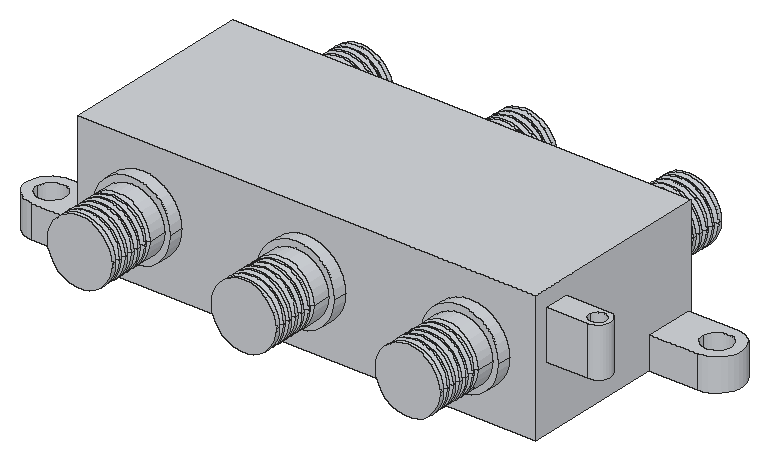
Revit family "Derivador 417-423-426", category Aparatos eléctricos, Revit 2019
Family settings
  Mantener orientación de anotación = No
  Cota de conector redondo = Diámetro de uso
  Tipo de pieza = Normal
  Número OmniClass = 23.80.00.00
  Título OmniClass = Electric Power and Lighting
  Se basa en plano de trabajo = No
  Siempre vertical = Sí
  Corte con vacíos al cargar = No
  Compartido = No
  Punto de cálculo de habitación = No
Parameters
  Vsibilidad 423 = yes
  Visibilidad 426 = yes
  Visibilidad 417 = yes
  Largo = 70.50 mm
  Dimensiones = 2
  Conectores = Largo / 25.23 mm  # 3
  Conector 2 = 3.654 mm
  Conector = 0.00 mm
  Ancho [instance] = 30.00 mm
  Altura = 30.00 mm
Reference planes
  plane 1 "Centro (Frontal/Posterior)": y = 0
  plane 2: z = 0
  plane 3 "Centro (Izquierda/Derecha)": x = 0
  plane 4 "Centro I/E": x = -35.25
  plane 5 "Centro I/F": x = 35.25
  plane 6 "Centro I/G": y = 15
  plane 7 "Centro I/H": y = -15
  plane 8 "Centro I/K": y = -15
  plane 9 "Centro I/R": x = -33.75
  plane 10 "Centro I/S": x = 33.75
Forms (mm)
  Extrusion 1, solid
    sketch origin (0, 0, 0) x (1, 0, 0) y (0, 1, 0)
      loop
        line (35.25, 15) -> (-35.25, 15) -> (-35.25, -15) -> (35.25, -15) -> (35.25, 15)
    from 0 to 20
  Extrusion 2, solid, detail levels fine
    sketch origin (0, -6.971, 0) x (1, 0, 0) y (0, 0, 1)
      loop
        circle (-25.232, 10) r 5
    from 17 to 27
  Extrusion 3, solid
    sketch origin (0, -6.971, 0) x (1, 0, 0) y (0, 0, 1)
      loop
        circle (-25.232, 10) r 6
    from 15 to 17
  Extrusion 4, solid, detail levels fine
    sketch origin (-0.018, 0, 0) x (1, 0, 0) y (0, 0, 1)
      loop
        circle (-25.232, 10) r 5
    from 17 to 27
  Extrusion 5, solid
    sketch origin (-0.018, 0, 0) x (1, 0, 0) y (0, 0, 1)
      loop
        circle (-25.232, 10) r 6
    from 15 to 17
  Extrusion 6, solid, detail levels fine
    sketch origin (50.482, 0, 0) x (1, 0, 0) y (0, 0, 1)
      loop
        circle (-25.232, 10) r 5
    from 17 to 27
  Extrusion 7, solid
    sketch origin (50.482, 0, 0) x (1, 0, 0) y (0, 0, 1)
      loop
        circle (-25.232, 10) r 6
    from 15 to 17
  Extrusion 8, solid, detail levels fine
    sketch origin (25.232, 0, 0) x (1, 0, 0) y (0, 0, 1)
      loop
        circle (-25.232, 10) r 5
    from 17 to 27
  Extrusion 9, solid
    sketch origin (25.232, 0, 0) x (1, 0, 0) y (0, 0, 1)
      loop
        circle (-25.232, 10) r 6
    from 15 to 17
  Extrusion 10, solid
    sketch origin (-14.144, 3.759, 0) x (1, 0, 0) y (0, 0, -1)
      loop
        circle (0, -10) r 5
    from 17 to 27
  Extrusion 11, solid
    sketch origin (-14.144, 3.759, 0) x (1, 0, 0) y (0, 0, -1)
      loop
        circle (0, -10) r 6
    from 15 to 17
  Extrusion 12, solid, detail levels medium+fine
    sketch origin (-139.75, 86.956, 0) x (-1, 0, 0) y (0, -1, 0)
      loop
        line (-175, 100) -> (-181.519, 100)
        arc (-181.519, 100) -> (-183.474, 98.044) -> (-181.519, 96.089) r 1.956
        line (-181.519, 96.089) -> (-175, 96.089) -> (-175, 100)
      loop
        circle (-181.519, 98.044) r 1.304
    from 10 to 17.5
  Extrusion 13, solid, detail levels fine
    sketch origin (-139.75, -43.128, -5) x (-1, 0, 0) y (0, -1, 0)
      loop
        line (-175, -57.5) -> (-175, -50) -> (-182.5, -50)
        arc (-182.5, -50) -> (-186.25, -53.75) -> (-182.5, -57.5) r 3.75
        line (-182.5, -57.5) -> (-175, -57.5)
      loop
        circle (-182.5, -53.75) r 2.25
    from 5 to 10
  Extrusion 14, solid, detail levels fine
    sketch origin (-115, -46.566, 0) x (-1, 0, 0) y (0, -1, 0)
      loop
        line (-175, -57.5) -> (-175, -50) -> (-182.5, -50)
        arc (-182.5, -50) -> (-186.25, -53.75) -> (-182.5, -57.5) r 3.75
        line (-182.5, -57.5) -> (-175, -57.5)
      loop
        circle (-182.5, -53.75) r 2.25
    from 5 to 10
  Extrusion 15, solid, detail levels medium+fine
    sketch origin (-110, 90, 0) x (-1, 0, 0) y (0, -1, 0)
      loop
        line (-175, 100) -> (-181.519, 100)
        arc (-181.519, 100) -> (-183.474, 98.044) -> (-181.519, 96.089) r 1.956
        line (-181.519, 96.089) -> (-175, 96.089) -> (-175, 100)
      loop
        circle (-181.519, 98.044) r 1.304
    from 10 to 17.5
  Extrusion 16, solid, detail levels fine
    sketch origin (139.75, 43.128, -5) x (1, 0, 0) y (0, 1, 0)
      loop
        line (-175, -57.5) -> (-175, -50) -> (-182.5, -50)
        arc (-182.5, -50) -> (-186.25, -53.75) -> (-182.5, -57.5) r 3.75
        line (-182.5, -57.5) -> (-175, -57.5)
      loop
        circle (-182.5, -53.75) r 2.25
    from 5 to 10
  Revolve 17, void
    sketch origin (0, 0, 10) x (1, 0, 0) y (0, 1, 0)
      loop
        line (-29.46, -26.03) -> (-30.25, -25.574) -> (-30.25, -26.486) -> (-29.46, -26.03)
      axis (-25.25, -26.486) -> (-25.25, -25.486)
    angle from 0 to 360
  Revolve 18, void
    sketch origin (0.018, -6.971, 10) x (1, 0, 0) y (0, 1, 0)
      loop
        line (-29.46, -26.03) -> (-30.25, -25.574) -> (-30.25, -26.486) -> (-29.46, -26.03)
      axis (-25.25, -26.486) -> (-25.25, -25.486)
    angle from 0 to 360
  Revolve 19, void
    sketch origin (50.5, 0, 10) x (1, 0, 0) y (0, 1, 0)
      loop
        line (-29.46, -26.03) -> (-30.25, -25.574) -> (-30.25, -26.486) -> (-29.46, -26.03)
      axis (-25.25, -26.486) -> (-25.25, -25.486)
    angle from 0 to 360
  Revolve 20, void
    sketch origin (25.25, 0, 10) x (1, 0, 0) y (0, 1, 0)
      loop
        line (-29.46, -26.03) -> (-30.25, -25.574) -> (-30.25, -26.486) -> (-29.46, -26.03)
      axis (-25.25, -26.486) -> (-25.25, -25.486)
    angle from 0 to 360
  Revolve 21, void
    sketch origin (0, 0, 10) x (1, 0, 0) y (0, 1, 0)
      loop
        line (-29.46, -24.918) -> (-30.25, -24.461) -> (-30.25, -25.374) -> (-29.46, -24.918)
      axis (-25.25, -25.374) -> (-25.25, -24.374)
    angle from 0 to 360
  Revolve 22, void
    sketch origin (0.018, -6.971, 10) x (1, 0, 0) y (0, 1, 0)
      loop
        line (-29.46, -24.918) -> (-30.25, -24.461) -> (-30.25, -25.374) -> (-29.46, -24.918)
      axis (-25.25, -25.374) -> (-25.25, -24.374)
    angle from 0 to 360
  Revolve 23, void
    sketch origin (50.5, 0, 10) x (1, 0, 0) y (0, 1, 0)
      loop
        line (-29.46, -24.918) -> (-30.25, -24.461) -> (-30.25, -25.374) -> (-29.46, -24.918)
      axis (-25.25, -25.374) -> (-25.25, -24.374)
    angle from 0 to 360
  Revolve 24, void
    sketch origin (25.25, 0, 10) x (1, 0, 0) y (0, 1, 0)
      loop
        line (-29.46, -24.918) -> (-30.25, -24.461) -> (-30.25, -25.374) -> (-29.46, -24.918)
      axis (-25.25, -25.374) -> (-25.25, -24.374)
    angle from 0 to 360
  Revolve 25, void
    sketch origin (0, 0, 10) x (1, 0, 0) y (0, 1, 0)
      loop
        line (-29.46, -23.718) -> (-30.25, -23.261) -> (-30.25, -24.174) -> (-29.46, -23.718)
      axis (-25.25, -24.174) -> (-25.25, -23.174)
    angle from 0 to 360
  Revolve 26, void
    sketch origin (0, 0, 10) x (1, 0, 0) y (0, 1, 0)
      loop
        line (-29.46, -22.518) -> (-30.25, -22.061) -> (-30.25, -22.974) -> (-29.46, -22.518)
      axis (-25.25, -22.974) -> (-25.25, -21.974)
    angle from 0 to 360
  Revolve 27, void
    sketch origin (0, 0, 10) x (1, 0, 0) y (0, 1, 0)
      loop
        line (-29.46, -21.318) -> (-30.25, -20.861) -> (-30.25, -21.774) -> (-29.46, -21.318)
      axis (-25.25, -21.774) -> (-25.25, -20.774)
    angle from 0 to 360
  Revolve 28, void
    sketch origin (0, 0, 10) x (1, 0, 0) y (0, 1, 0)
      loop
        line (-29.46, -20.118) -> (-30.25, -19.661) -> (-30.25, -20.574) -> (-29.46, -20.118)
      axis (-25.25, -20.574) -> (-25.25, -19.574)
    angle from 0 to 360
  Revolve 29, void
    sketch origin (0.018, -6.971, 10) x (1, 0, 0) y (0, 1, 0)
      loop
        line (-29.46, -23.718) -> (-30.25, -23.261) -> (-30.25, -24.174) -> (-29.46, -23.718)
      axis (-25.25, -24.174) -> (-25.25, -23.174)
    angle from 0 to 360
  Revolve 30, void
    sketch origin (0.018, -6.971, 10) x (1, 0, 0) y (0, 1, 0)
      loop
        line (-29.46, -22.518) -> (-30.25, -22.061) -> (-30.25, -22.974) -> (-29.46, -22.518)
      axis (-25.25, -22.974) -> (-25.25, -21.974)
    angle from 0 to 360
  Revolve 31, void
    sketch origin (0.018, -6.971, 10) x (1, 0, 0) y (0, 1, 0)
      loop
        line (-29.46, -21.318) -> (-30.25, -20.861) -> (-30.25, -21.774) -> (-29.46, -21.318)
      axis (-25.25, -21.774) -> (-25.25, -20.774)
    angle from 0 to 360
  Revolve 32, void
    sketch origin (0.018, -6.971, 10) x (1, 0, 0) y (0, 1, 0)
      loop
        line (-29.46, -20.118) -> (-30.25, -19.661) -> (-30.25, -20.574) -> (-29.46, -20.118)
      axis (-25.25, -20.574) -> (-25.25, -19.574)
    angle from 0 to 360
  Revolve 33, void
    sketch origin (50.5, 0, 10) x (1, 0, 0) y (0, 1, 0)
      loop
        line (-29.46, -23.718) -> (-30.25, -23.261) -> (-30.25, -24.174) -> (-29.46, -23.718)
      axis (-25.25, -24.174) -> (-25.25, -23.174)
    angle from 0 to 360
  Revolve 34, void
    sketch origin (50.5, 0, 10) x (1, 0, 0) y (0, 1, 0)
      loop
        line (-29.46, -22.518) -> (-30.25, -22.061) -> (-30.25, -22.974) -> (-29.46, -22.518)
      axis (-25.25, -22.974) -> (-25.25, -21.974)
    angle from 0 to 360
  Revolve 35, void
    sketch origin (50.5, 0, 10) x (1, 0, 0) y (0, 1, 0)
      loop
        line (-29.46, -21.318) -> (-30.25, -20.861) -> (-30.25, -21.774) -> (-29.46, -21.318)
      axis (-25.25, -21.774) -> (-25.25, -20.774)
    angle from 0 to 360
  Revolve 36, void
    sketch origin (50.5, 0, 10) x (1, 0, 0) y (0, 1, 0)
      loop
        line (-29.46, -20.118) -> (-30.25, -19.661) -> (-30.25, -20.574) -> (-29.46, -20.118)
      axis (-25.25, -20.574) -> (-25.25, -19.574)
    angle from 0 to 360
  Revolve 37, void
    sketch origin (25.25, 0, 10) x (1, 0, 0) y (0, 1, 0)
      loop
        line (-29.46, -23.718) -> (-30.25, -23.261) -> (-30.25, -24.174) -> (-29.46, -23.718)
      axis (-25.25, -24.174) -> (-25.25, -23.174)
    angle from 0 to 360
  Revolve 38, void
    sketch origin (25.25, 0, 10) x (1, 0, 0) y (0, 1, 0)
      loop
        line (-29.46, -22.518) -> (-30.25, -22.061) -> (-30.25, -22.974) -> (-29.46, -22.518)
      axis (-25.25, -22.974) -> (-25.25, -21.974)
    angle from 0 to 360
  Revolve 39, void
    sketch origin (25.25, 0, 10) x (1, 0, 0) y (0, 1, 0)
      loop
        line (-29.46, -21.318) -> (-30.25, -20.861) -> (-30.25, -21.774) -> (-29.46, -21.318)
      axis (-25.25, -21.774) -> (-25.25, -20.774)
    angle from 0 to 360
  Revolve 40, void
    sketch origin (25.25, 0, 10) x (1, 0, 0) y (0, 1, 0)
      loop
        line (-29.46, -20.118) -> (-30.25, -19.661) -> (-30.25, -20.574) -> (-29.46, -20.118)
      axis (-25.25, -20.574) -> (-25.25, -19.574)
    angle from 0 to 360
  Extrusion 41, solid, detail levels fine
    sketch origin (-50.482, 0, 0) x (-1, 0, 0) y (0, 0, 1)
      loop
        circle (-25.232, 10) r 5
    from 17 to 27
  Extrusion 42, solid
    sketch origin (-50.482, 0, 0) x (-1, 0, 0) y (0, 0, 1)
      loop
        circle (-25.232, 10) r 6
    from 15 to 17
  Revolve 43, void
    sketch origin (-50.5, 0, 10) x (-1, 0, 0) y (0, -1, 0)
      loop
        line (-29.46, -26.03) -> (-30.25, -25.574) -> (-30.25, -26.486) -> (-29.46, -26.03)
      axis (-25.25, -26.486) -> (-25.25, -25.486)
    angle from 0 to 360
  Revolve 44, void
    sketch origin (-50.5, 0, 10) x (-1, 0, 0) y (0, -1, 0)
      loop
        line (-29.46, -24.918) -> (-30.25, -24.461) -> (-30.25, -25.374) -> (-29.46, -24.918)
      axis (-25.25, -25.374) -> (-25.25, -24.374)
    angle from 0 to 360
  Revolve 45, void
    sketch origin (-50.5, 0, 10) x (-1, 0, 0) y (0, -1, 0)
      loop
        line (-29.46, -23.718) -> (-30.25, -23.261) -> (-30.25, -24.174) -> (-29.46, -23.718)
      axis (-25.25, -24.174) -> (-25.25, -23.174)
    angle from 0 to 360
  Revolve 46, void
    sketch origin (-50.5, 0, 10) x (-1, 0, 0) y (0, -1, 0)
      loop
        line (-29.46, -22.518) -> (-30.25, -22.061) -> (-30.25, -22.974) -> (-29.46, -22.518)
      axis (-25.25, -22.974) -> (-25.25, -21.974)
    angle from 0 to 360
  Revolve 47, void
    sketch origin (-50.5, 0, 10) x (-1, 0, 0) y (0, -1, 0)
      loop
        line (-29.46, -21.318) -> (-30.25, -20.861) -> (-30.25, -21.774) -> (-29.46, -21.318)
      axis (-25.25, -21.774) -> (-25.25, -20.774)
    angle from 0 to 360
  Revolve 48, void
    sketch origin (-50.5, 0, 10) x (-1, 0, 0) y (0, -1, 0)
      loop
        line (-29.46, -20.118) -> (-30.25, -19.661) -> (-30.25, -20.574) -> (-29.46, -20.118)
      axis (-25.25, -20.574) -> (-25.25, -19.574)
    angle from 0 to 360
  Extrusion 49, solid, detail levels fine
    sketch origin (35.192, 46.726, 0) x (1, 0, 0) y (0, 0, 1)
      loop
        circle (-25.232, 10) r 5
    from 17 to 27
  Extrusion 50, solid
    sketch origin (35.192, 46.726, 0) x (1, 0, 0) y (0, 0, 1)
      loop
        circle (-25.232, 10) r 6
    from 15 to 17
  Revolve 51, void
    sketch origin (35.21, 46.726, 10) x (1, 0, 0) y (0, 1, 0)
      loop
        line (-29.46, -26.03) -> (-30.25, -25.574) -> (-30.25, -26.486) -> (-29.46, -26.03)
      axis (-25.25, -26.486) -> (-25.25, -25.486)
    angle from 0 to 360
  Revolve 52, void
    sketch origin (35.21, 46.726, 10) x (1, 0, 0) y (0, 1, 0)
      loop
        line (-29.46, -24.918) -> (-30.25, -24.461) -> (-30.25, -25.374) -> (-29.46, -24.918)
      axis (-25.25, -25.374) -> (-25.25, -24.374)
    angle from 0 to 360
  Revolve 53, void
    sketch origin (35.21, 46.726, 10) x (1, 0, 0) y (0, 1, 0)
      loop
        line (-29.46, -23.718) -> (-30.25, -23.261) -> (-30.25, -24.174) -> (-29.46, -23.718)
      axis (-25.25, -24.174) -> (-25.25, -23.174)
    angle from 0 to 360
  Revolve 54, void
    sketch origin (35.21, 46.726, 10) x (1, 0, 0) y (0, 1, 0)
      loop
        line (-29.46, -22.518) -> (-30.25, -22.061) -> (-30.25, -22.974) -> (-29.46, -22.518)
      axis (-25.25, -22.974) -> (-25.25, -21.974)
    angle from 0 to 360
  Revolve 55, void
    sketch origin (35.21, 46.726, 10) x (1, 0, 0) y (0, 1, 0)
      loop
        line (-29.46, -21.318) -> (-30.25, -20.861) -> (-30.25, -21.774) -> (-29.46, -21.318)
      axis (-25.25, -21.774) -> (-25.25, -20.774)
    angle from 0 to 360
  Revolve 56, void
    sketch origin (35.21, 46.726, 10) x (1, 0, 0) y (0, 1, 0)
      loop
        line (-29.46, -20.118) -> (-30.25, -19.661) -> (-30.25, -20.574) -> (-29.46, -20.118)
      axis (-25.25, -20.574) -> (-25.25, -19.574)
    angle from 0 to 360
  Extrusion 57, solid, detail levels fine
    sketch origin (0.018, 0, 0) x (-1, 0, 0) y (0, 0, 1)
      loop
        circle (-25.232, 10) r 5
    from 17 to 27
  Extrusion 58, solid
    sketch origin (0.018, 0, 0) x (-1, 0, 0) y (0, 0, 1)
      loop
        circle (-25.232, 10) r 6
    from 15 to 17
  Revolve 59, void
    sketch origin (0, 0, 10) x (-1, 0, 0) y (0, -1, 0)
      loop
        line (-29.46, -26.03) -> (-30.25, -25.574) -> (-30.25, -26.486) -> (-29.46, -26.03)
      axis (-25.25, -26.486) -> (-25.25, -25.486)
    angle from 0 to 360
  Revolve 60, void
    sketch origin (0, 0, 10) x (-1, 0, 0) y (0, -1, 0)
      loop
        line (-29.46, -24.918) -> (-30.25, -24.461) -> (-30.25, -25.374) -> (-29.46, -24.918)
      axis (-25.25, -25.374) -> (-25.25, -24.374)
    angle from 0 to 360
  Revolve 61, void
    sketch origin (0, 0, 10) x (-1, 0, 0) y (0, -1, 0)
      loop
        line (-29.46, -23.718) -> (-30.25, -23.261) -> (-30.25, -24.174) -> (-29.46, -23.718)
      axis (-25.25, -24.174) -> (-25.25, -23.174)
    angle from 0 to 360
  Revolve 62, void
    sketch origin (0, 0, 10) x (-1, 0, 0) y (0, -1, 0)
      loop
        line (-29.46, -22.518) -> (-30.25, -22.061) -> (-30.25, -22.974) -> (-29.46, -22.518)
      axis (-25.25, -22.974) -> (-25.25, -21.974)
    angle from 0 to 360
  Revolve 63, void
    sketch origin (0, 0, 10) x (-1, 0, 0) y (0, -1, 0)
      loop
        line (-29.46, -21.318) -> (-30.25, -20.861) -> (-30.25, -21.774) -> (-29.46, -21.318)
      axis (-25.25, -21.774) -> (-25.25, -20.774)
    angle from 0 to 360
  Revolve 64, void
    sketch origin (0, 0, 10) x (-1, 0, 0) y (0, -1, 0)
      loop
        line (-29.46, -20.118) -> (-30.25, -19.661) -> (-30.25, -20.574) -> (-29.46, -20.118)
      axis (-25.25, -20.574) -> (-25.25, -19.574)
    angle from 0 to 360
  Extrusion 65, solid, detail levels fine
    sketch origin (-25.232, 0, 0) x (-1, 0, 0) y (0, 0, 1)
      loop
        circle (-25.232, 10) r 5
    from 17 to 27
  Extrusion 66, solid
    sketch origin (-25.232, 0, 0) x (-1, 0, 0) y (0, 0, 1)
      loop
        circle (-25.232, 10) r 6
    from 15 to 17
  Revolve 67, void
    sketch origin (-25.25, 0, 10) x (-1, 0, 0) y (0, -1, 0)
      loop
        line (-29.46, -26.03) -> (-30.25, -25.574) -> (-30.25, -26.486) -> (-29.46, -26.03)
      axis (-25.25, -26.486) -> (-25.25, -25.486)
    angle from 0 to 360
  Revolve 68, void
    sketch origin (-25.25, 0, 10) x (-1, 0, 0) y (0, -1, 0)
      loop
        line (-29.46, -24.918) -> (-30.25, -24.461) -> (-30.25, -25.374) -> (-29.46, -24.918)
      axis (-25.25, -25.374) -> (-25.25, -24.374)
    angle from 0 to 360
  Revolve 69, void
    sketch origin (-25.25, 0, 10) x (-1, 0, 0) y (0, -1, 0)
      loop
        line (-29.46, -23.718) -> (-30.25, -23.261) -> (-30.25, -24.174) -> (-29.46, -23.718)
      axis (-25.25, -24.174) -> (-25.25, -23.174)
    angle from 0 to 360
  Revolve 70, void
    sketch origin (-25.25, 0, 10) x (-1, 0, 0) y (0, -1, 0)
      loop
        line (-29.46, -22.518) -> (-30.25, -22.061) -> (-30.25, -22.974) -> (-29.46, -22.518)
      axis (-25.25, -22.974) -> (-25.25, -21.974)
    angle from 0 to 360
  Revolve 71, void
    sketch origin (-25.25, 0, 10) x (-1, 0, 0) y (0, -1, 0)
      loop
        line (-29.46, -21.318) -> (-30.25, -20.861) -> (-30.25, -21.774) -> (-29.46, -21.318)
      axis (-25.25, -21.774) -> (-25.25, -20.774)
    angle from 0 to 360
  Revolve 72, void
    sketch origin (-25.25, 0, 10) x (-1, 0, 0) y (0, -1, 0)
      loop
        line (-29.46, -20.118) -> (-30.25, -19.661) -> (-30.25, -20.574) -> (-29.46, -20.118)
      axis (-25.25, -20.574) -> (-25.25, -19.574)
    angle from 0 to 360
Cuts and joins
  Revolve 19, Revolve 23, Revolve 33, Revolve 34, Revolve 35, Revolve 36 cuts Extrusion 6
  Revolve 20, Revolve 24, Revolve 37, Revolve 38, Revolve 39, Revolve 40 cuts Extrusion 8
  Revolve 17, Revolve 21, Revolve 25, Revolve 26, Revolve 27, Revolve 28, Revolve 43, Revolve 44, Revolve 45, Revolve 46, Revolve 47, Revolve 48 cuts Extrusion 4
  Revolve 43, Revolve 44, Revolve 45, Revolve 46, Revolve 47, Revolve 48, Revolve 59, Revolve 60, Revolve 61, Revolve 62, Revolve 63, Revolve 64 cuts Extrusion 41
  Revolve 59, Revolve 60, Revolve 61, Revolve 62, Revolve 63, Revolve 64 cuts Extrusion 57
  Revolve 67, Revolve 68, Revolve 69, Revolve 70, Revolve 71, Revolve 72 cuts Extrusion 65
Lines and regions (mm)
  model lines, detail levels medium
    curve 1: line (35.25, 6.872, 0) -> (42.75, 6.872, 0)
    curve 2: arc (42.75, 6.872, 0) -> (46.5, 10.622, 0) -> (42.75, 14.372, 0) r 3.75
    curve 3: line (42.75, 14.372, 0) -> (35.25, 14.372, 0)
    curve 4: line (60, 3.434, 5) -> (67.5, 3.434, 5)
    curve 5: arc (67.5, 3.434, 5) -> (71.25, 7.184, 5) -> (67.5, 10.934, 5) r 3.75
    curve 6: line (67.5, 10.934, 5) -> (60, 10.934, 5)
    curve 7: line (-35.25, -6.872, 0) -> (-42.75, -6.872, 0)
    curve 8: arc (-42.75, -6.872, 0) -> (-46.5, -10.622, 0) -> (-42.75, -14.372, 0) r 3.75
    curve 9: line (-42.75, -14.372, 0) -> (-35.25, -14.372, 0)
    curve 10: line (-30.25, -17, 10) -> (-30.25, -27, 10)
    curve 11: line (-30.25, -27, 10) -> (-20.25, -27, 10)
    curve 12: line (-20.25, -27, 10) -> (-20.25, -17, 10)
    curve 13: line (-30.232, -23.971, 10) -> (-30.232, -33.971, 10)
    curve 14: line (-30.232, -33.971, 10) -> (-20.232, -33.971, 10)
    curve 15: line (-20.232, -33.971, 10) -> (-20.232, -23.971, 10)
    curve 16: line (20.25, -17, 10) -> (20.25, -27, 10)
    curve 17: line (20.25, -27, 10) -> (30.25, -27, 10)
    curve 18: line (30.25, -27, 10) -> (30.25, -17, 10)
    curve 19: line (-5, -17, 10) -> (-5, -27, 10)
    curve 20: line (-5, -27, 10) -> (5, -27, 10)
    curve 21: line (5, -27, 10) -> (5, -17, 10)
    curve 22: line (-30.25, 17, 10) -> (-30.25, 27, 10)
    curve 23: line (-30.25, 27, 10) -> (-20.25, 27, 10)
    curve 24: line (-20.25, 27, 10) -> (-20.25, 17, 10)
    curve 25: line (14.96, 29.726, 10) -> (14.96, 19.726, 10)
    curve 26: line (14.96, 19.726, 10) -> (4.96, 19.726, 10)
    curve 27: line (4.96, 19.726, 10) -> (4.96, 29.726, 10)
    curve 28: line (20.25, 17, 10) -> (20.25, 27, 10)
    curve 29: line (20.25, 27, 10) -> (30.25, 27, 10)
    curve 30: line (30.25, 27, 10) -> (30.25, 17, 10)
    curve 31: line (-5, 17, 10) -> (-5, 27, 10)
    curve 32: line (-5, 27, 10) -> (5, 27, 10)
    curve 33: line (5, 27, 10) -> (5, 17, 10)
    curve 34: line (35.25, -9.133, 10) -> (41.769, -9.133, 10)
    curve 35: arc (41.769, -9.133, 10) -> (43.724, -11.089, 10) -> (41.769, -13.044, 10) r 1.956
    curve 36: line (41.769, -13.044, 10) -> (35.25, -13.044, 10)
    curve 37: line (65, -6.089, 10) -> (71.519, -6.089, 10)
    curve 38: arc (71.519, -6.089, 10) -> (73.474, -8.044, 10) -> (71.519, -10, 10) r 1.956
    curve 39: line (71.519, -10, 10) -> (65, -10, 10)
  model lines, detail levels medium+fine
    curve 40: line (-6.949, -0.049, 20) -> (-8.624, -0.049, 20)
    curve 41: arc (-8.624, -0.049, 20) -> (-9.014, 0.341, 20) -> (-8.624, 0.731, 20) r 0.39
    curve 42: line (-8.624, 0.731, 20) -> (-6.949, 0.731, 20)
    curve 43: arc (-6.949, 0.731, 20) -> (-6.601, 1.079, 20) -> (-6.949, 1.427, 20) r 0.348
    curve 44: line (-6.949, 1.427, 20) -> (-8.734, 1.427, 20)
    curve 45: arc (-8.734, 1.427, 20) -> (-9.72, 0.637, 20) -> (-8.93, -0.35, 20) r 0.894
    curve 46: arc (-8.93, -0.35, 20) -> (-9.743, -1.374, 20) -> (-8.72, -2.187, 20) r 0.924
    curve 47: line (-8.72, -2.187, 20) -> (-6.949, -2.187, 20)
    curve 48: arc (-6.949, -2.187, 20) -> (-6.597, -1.835, 20) -> (-6.949, -1.484, 20) r 0.351
    curve 49: line (-6.949, -1.484, 20) -> (-8.624, -1.484, 20)
    curve 50: arc (-8.624, -1.484, 20) -> (-9.025, -1.082, 20) -> (-8.624, -0.681, 20) r 0.401
    curve 51: line (-8.624, -0.681, 20) -> (-6.949, -0.681, 20)
    curve 52: arc (-6.949, -0.681, 20) -> (-6.633, -0.365, 20) -> (-6.949, -0.049, 20) r 0.316
    curve 53: line (-2.608, -2.187, 20) -> (-3.631, -2.187, 20)
    curve 54: line (-3.631, -2.187, 20) -> (-4.46, -0.841, 20)
    curve 55: line (-4.46, -0.841, 20) -> (-5.5, -0.85, 20)
    curve 56: line (-5.5, -0.85, 20) -> (-5.5, -2.187, 20)
    curve 57: line (-5.5, -2.187, 20) -> (-6.221, -2.187, 20)
    curve 58: line (-6.221, -2.187, 20) -> (-6.221, -0.117, 20)
    curve 59: line (-6.221, -0.117, 20) -> (-4.055, -0.117, 20)
    curve 60: arc (-4.055, -0.117, 20) -> (-3.609, 0.329, 20) -> (-4.055, 0.776, 20) r 0.446
    curve 61: line (-4.055, 0.776, 20) -> (-6.221, 0.776, 20)
    curve 62: line (-6.221, 0.776, 20) -> (-6.221, 1.527, 20)
    curve 63: line (-6.221, 1.527, 20) -> (-3.965, 1.527, 20)
    curve 64: arc (-3.965, 1.527, 20) -> (-2.807, 0.481, 20) -> (-3.731, -0.777, 20) r 1.164
    curve 65: line (-3.731, -0.777, 20) -> (-2.608, -2.187, 20)
    curve 66: line (-13.258, -2.187, 20) -> (-13.258, 1.527, 20)
    curve 67: arc (-13.258, 1.527, 20) -> (-9.996, -0.33, 20) -> (-13.258, -2.187, 20) r 2.159
    curve 68: arc (-12.547, 1.065, 20) -> (-10.707, -0.33, 20) -> (-12.547, -1.725, 20) r 1.449
    curve 69: line (-12.547, -1.725, 20) -> (-12.547, 1.065, 20)
    curve 85: line (-0.19, 7.912, 20) -> (0.527, 6.265, 20)
    curve 86: arc (0.527, 6.265, 20) -> (1.2, 5.937, 20) -> (1.632, 6.548, 20) r 0.578
    curve 87: line (1.632, 6.548, 20) -> (1.679, 8.35, 20)
    curve 88: arc (1.679, 8.35, 20) -> (1.409, 8.621, 20) -> (1.151, 8.338, 20) r 0.264
    curve 89: line (1.151, 8.338, 20) -> (1.151, 6.834, 20)
    curve 90: line (-1.362, 8.527, 20) -> (-1.362, 6.117, 20)
    curve 91: line (0.845, 6.834, 20) -> (0.169, 8.287, 20)
    curve 92: arc (0.169, 8.287, 20) -> (-0.414, 8.642, 20) -> (-0.965, 8.238, 20) r 0.614
    curve 93: line (-0.965, 8.238, 20) -> (-0.965, 6.117, 20)
    curve 94: line (-2.725, 12.188, 20) -> (-2.725, 9.526, 20)
    curve 95: line (-2.725, 9.526, 20) -> (2.553, 9.526, 20)
    curve 96: line (2.553, 9.526, 20) -> (2.553, 12.171, 20)
    curve 97: line (0.093, 13.25, 20) -> (0.093, 11.719, 20)
    curve 98: line (-1.155, 11.719, 20) -> (-0.134, 10.698, 20)
    curve 99: line (-0.134, 10.698, 20) -> (0.888, 11.72, 20)
    curve 100: line (-0.461, 7.902, 20) -> (-0.461, 6.117, 20)
    curve 101: arc (-0.965, 6.117, 20) -> (-0.713, 5.865, 20) -> (-0.461, 6.117, 20) r 0.252
    curve 102: arc (-0.19, 7.912, 20) -> (-0.33, 8.038, 20) -> (-0.461, 7.902, 20) r 0.136
    curve 103: arc (1.151, 6.834, 20) -> (0.998, 6.737, 20) -> (0.845, 6.834, 20) r 0.169
    curve 104: line (-1.866, 8.527, 20) -> (-1.866, 6.117, 20)
    curve 105: line (-3.098, 12.188, 20) -> (-3.098, 9.152, 20)
    curve 106: line (-3.098, 9.152, 20) -> (2.927, 9.152, 20)
    curve 107: line (2.927, 9.152, 20) -> (2.927, 12.171, 20)
    curve 108: arc (-2.725, 12.188, 20) -> (-2.912, 12.374, 20) -> (-3.098, 12.188, 20) r 0.187
    curve 109: arc (2.553, 12.171, 20) -> (2.74, 12.358, 20) -> (2.927, 12.171, 20) r 0.187
    curve 110: line (-1.155, 11.719, 20) -> (0.093, 11.719, 20)
    curve 111: line (-0.134, 10.434, 20) -> (1.02, 11.588, 20)
    curve 112: line (-1.605, 11.906, 20) -> (-0.134, 10.434, 20)
    curve 113: line (-1.605, 11.906, 20) -> (-0.093, 11.906, 20)
    curve 114: line (-0.093, 13.25, 20) -> (-0.093, 11.906, 20)
    curve 115: arc (0.093, 13.25, 20) -> (0, 13.344, 20) -> (-0.093, 13.25, 20) r 0.093
    curve 116: arc (0.888, 11.72, 20) -> (1.02, 11.72, 20) -> (1.02, 11.588, 20) r 0.093
    curve 117: arc (-1.866, 6.117, 20) -> (-1.614, 5.865, 20) -> (-1.362, 6.117, 20) r 0.252
    curve 118: arc (-1.362, 8.527, 20) -> (-1.614, 8.78, 20) -> (-1.866, 8.527, 20) r 0.252
    curve 119: circle (-1.714, -7.047, 20) r 1.244 normal (0, 0, 1)
    curve 120: line (1.666, -6.08, 20) -> (1.666, -7.222, 20)
    curve 121: arc (1.666, -7.222, 20) -> (0.639, -8.224, 20) -> (-0.338, -7.173, 20) r 1.002
    curve 122: line (-0.338, -7.173, 20) -> (-0.338, -6.049, 20)
    curve 123: line (1.832, -6.428, 20) -> (2.456, -6.428, 20)
    curve 124: line (2.456, -6.428, 20) -> (2.456, -8.203, 20)
    curve 125: line (2.456, -8.203, 20) -> (2.99, -8.203, 20)
    curve 126: line (2.99, -8.203, 20) -> (2.99, -6.428, 20)
    curve 127: line (2.99, -6.428, 20) -> (3.608, -6.428, 20)
    curve 128: line (2.345, -12.051, 20) -> (2.345, -9.643, 20)
    curve 129: line (2.345, -9.643, 20) -> (-2.378, -9.643, 20)
    curve 130: line (-2.378, -9.643, 20) -> (-2.378, -12.036, 20)
    curve 131: line (-2.864, -12.036, 20) -> (-2.864, -9.209, 20)
    curve 132: line (-2.864, -9.209, 20) -> (2.829, -9.209, 20)
    curve 133: line (2.829, -9.209, 20) -> (2.829, -12.036, 20)
    curve 134: line (0, -7.182, 20) -> (0, -6.049, 20)
    curve 135: line (1.328, -6.08, 20) -> (1.328, -7.222, 20)
    curve 136: arc (1.328, -7.222, 20) -> (0.643, -7.887, 20) -> (0, -7.182, 20) r 0.665
    curve 137: arc (1.666, -6.08, 20) -> (1.497, -5.911, 20) -> (1.328, -6.08, 20) r 0.169
    curve 138: arc (-0.338, -6.049, 20) -> (-0.169, -5.88, 20) -> (0, -6.049, 20) r 0.169
    curve 139: circle (-1.714, -7.047, 20) r 0.907 normal (0, 0, 1)
    curve 140: line (1.832, -5.894, 20) -> (3.608, -5.894, 20)
    curve 141: line (1.832, -6.428, 20) -> (1.832, -5.894, 20)
    curve 142: line (3.608, -6.428, 20) -> (3.608, -5.894, 20)
    curve 143: arc (2.829, -12.036, 20) -> (2.594, -12.293, 20) -> (2.345, -12.051, 20) r 0.242
    curve 144: arc (-2.378, -12.036, 20) -> (-2.621, -12.279, 20) -> (-2.864, -12.036, 20) r 0.243
    curve 145: line (0.209, -9.981, 20) -> (0.209, -11.791, 20)
    curve 146: line (-0.923, -11.791, 20) -> (0, -12.714, 20)
    curve 147: line (0, -12.714, 20) -> (0.924, -11.79, 20)
    curve 148: line (-0.923, -11.791, 20) -> (0.209, -11.791, 20)
    curve 149: line (0, -12.953, 20) -> (1.043, -11.91, 20)
    curve 150: line (-1.331, -11.622, 20) -> (0, -12.953, 20)
    curve 151: line (-1.331, -11.622, 20) -> (0.033, -11.622, 20)
    curve 152: line (0.033, -9.981, 20) -> (0.033, -11.622, 20)
    curve 153: arc (0.209, -9.981, 20) -> (0.121, -9.894, 20) -> (0.033, -9.981, 20) r 0.088
    curve 154: arc (0.924, -11.79, 20) -> (1.043, -11.79, 20) -> (1.043, -11.91, 20) r 0.084
    curve 471: line (-0.19, 7.912, 0) -> (0.527, 6.265, 0)
    curve 472: arc (0.527, 6.265, 0) -> (1.2, 5.937, 0) -> (1.632, 6.548, 0) r 0.578
    curve 473: line (1.632, 6.548, 0) -> (1.679, 8.35, 0)
    curve 474: arc (1.679, 8.35, 0) -> (1.409, 8.621, 0) -> (1.151, 8.338, 0) r 0.264
    curve 475: line (1.151, 8.338, 0) -> (1.151, 6.834, 0)
    curve 476: line (-1.362, 8.527, 0) -> (-1.362, 6.117, 0)
    curve 477: line (0.845, 6.834, 0) -> (0.169, 8.287, 0)
    curve 478: arc (0.169, 8.287, 0) -> (-0.414, 8.642, 0) -> (-0.965, 8.238, 0) r 0.614
    curve 479: line (-0.965, 8.238, 0) -> (-0.965, 6.117, 0)
    curve 480: line (-2.725, 12.188, 0) -> (-2.725, 9.526, 0)
    curve 481: line (-2.725, 9.526, 0) -> (2.553, 9.526, 0)
    curve 482: line (2.553, 9.526, 0) -> (2.553, 12.171, 0)
    curve 483: line (0.093, 13.25, 0) -> (0.093, 11.719, 0)
    curve 484: line (-1.155, 11.719, 0) -> (-0.134, 10.698, 0)
    curve 485: line (-0.134, 10.698, 0) -> (0.888, 11.72, 0)
    curve 486: line (-0.461, 7.902, 0) -> (-0.461, 6.117, 0)
    curve 487: arc (-0.965, 6.117, 0) -> (-0.713, 5.865, 0) -> (-0.461, 6.117, 0) r 0.252
    curve 488: arc (-0.19, 7.912, 0) -> (-0.33, 8.038, 0) -> (-0.461, 7.902, 0) r 0.136
    curve 489: arc (1.151, 6.834, 0) -> (0.998, 6.737, 0) -> (0.845, 6.834, 0) r 0.169
    curve 490: line (-1.866, 8.527, 0) -> (-1.866, 6.117, 0)
    curve 491: line (-3.098, 12.188, 0) -> (-3.098, 9.152, 0)
    curve 492: line (-3.098, 9.152, 0) -> (2.927, 9.152, 0)
    curve 493: line (2.927, 9.152, 0) -> (2.927, 12.171, 0)
    curve 494: arc (-2.725, 12.188, 0) -> (-2.912, 12.374, 0) -> (-3.098, 12.188, 0) r 0.187
    curve 495: arc (2.553, 12.171, 0) -> (2.74, 12.358, 0) -> (2.927, 12.171, 0) r 0.187
    curve 496: line (-1.155, 11.719, 0) -> (0.093, 11.719, 0)
    curve 497: line (-0.134, 10.434, 0) -> (1.02, 11.588, 0)
    curve 498: line (-1.605, 11.906, 0) -> (-0.134, 10.434, 0)
    curve 499: line (-1.605, 11.906, 0) -> (-0.093, 11.906, 0)
    curve 500: line (-0.093, 13.25, 0) -> (-0.093, 11.906, 0)
    curve 501: arc (0.093, 13.25, 0) -> (0, 13.344, 0) -> (-0.093, 13.25, 0) r 0.093
    curve 502: arc (0.888, 11.72, 0) -> (1.02, 11.72, 0) -> (1.02, 11.588, 0) r 0.093
    curve 503: arc (-1.866, 6.117, 0) -> (-1.614, 5.865, 0) -> (-1.362, 6.117, 0) r 0.252
    curve 504: arc (-1.362, 8.527, 0) -> (-1.614, 8.78, 0) -> (-1.866, 8.527, 0) r 0.252
    curve 505: circle (-1.714, -7.047, 0) r 1.244 normal (0, 0, 1)
    curve 506: line (1.666, -6.08, 0) -> (1.666, -7.222, 0)
    curve 507: arc (1.666, -7.222, 0) -> (0.639, -8.224, 0) -> (-0.338, -7.173, 0) r 1.002
    curve 508: line (-0.338, -7.173, 0) -> (-0.338, -6.049, 0)
    curve 509: line (1.832, -6.428, 0) -> (2.456, -6.428, 0)
    curve 510: line (2.456, -6.428, 0) -> (2.456, -8.203, 0)
    curve 511: line (2.456, -8.203, 0) -> (2.99, -8.203, 0)
    curve 512: line (2.99, -8.203, 0) -> (2.99, -6.428, 0)
    curve 513: line (2.99, -6.428, 0) -> (3.608, -6.428, 0)
    curve 514: line (2.345, -12.051, 0) -> (2.345, -9.643, 0)
    curve 515: line (2.345, -9.643, 0) -> (-2.378, -9.643, 0)
    curve 516: line (-2.378, -9.643, 0) -> (-2.378, -12.036, 0)
    curve 517: line (-2.864, -12.036, 0) -> (-2.864, -9.209, 0)
    curve 518: line (-2.864, -9.209, 0) -> (2.829, -9.209, 0)
    curve 519: line (2.829, -9.209, 0) -> (2.829, -12.036, 0)
    curve 520: line (0, -7.182, 0) -> (0, -6.049, 0)
    curve 521: line (1.328, -6.08, 0) -> (1.328, -7.222, 0)
    curve 522: arc (1.328, -7.222, 0) -> (0.643, -7.887, 0) -> (0, -7.182, 0) r 0.665
    curve 523: arc (1.666, -6.08, 0) -> (1.497, -5.911, 0) -> (1.328, -6.08, 0) r 0.169
    curve 524: arc (-0.338, -6.049, 0) -> (-0.169, -5.88, 0) -> (0, -6.049, 0) r 0.169
    curve 525: circle (-1.714, -7.047, 0) r 0.907 normal (0, 0, 1)
    curve 526: line (1.832, -5.894, 0) -> (3.608, -5.894, 0)
    curve 527: line (1.832, -6.428, 0) -> (1.832, -5.894, 0)
    curve 528: line (3.608, -6.428, 0) -> (3.608, -5.894, 0)
    curve 529: arc (2.829, -12.036, 0) -> (2.594, -12.293, 0) -> (2.345, -12.051, 0) r 0.242
    curve 530: arc (-2.378, -12.036, 0) -> (-2.621, -12.279, 0) -> (-2.864, -12.036, 0) r 0.243
    curve 531: line (0.209, -9.981, 0) -> (0.209, -11.791, 0)
    curve 532: line (-0.923, -11.791, 0) -> (0, -12.714, 0)
    curve 533: line (0, -12.714, 0) -> (0.924, -11.79, 0)
    curve 534: line (-0.923, -11.791, 0) -> (0.209, -11.791, 0)
    curve 535: line (0, -12.953, 0) -> (1.043, -11.91, 0)
    curve 536: line (-1.331, -11.622, 0) -> (0, -12.953, 0)
    curve 537: line (-1.331, -11.622, 0) -> (0.033, -11.622, 0)
    curve 538: line (0.033, -9.981, 0) -> (0.033, -11.622, 0)
    curve 539: arc (0.209, -9.981, 0) -> (0.121, -9.894, 0) -> (0.033, -9.981, 0) r 0.088
    curve 540: arc (0.924, -11.79, 0) -> (1.043, -11.79, 0) -> (1.043, -11.91, 0) r 0.084
    curve 541: line (-14.806, -0.825, 20) -> (-16.482, -0.825, 20)
    curve 542: arc (-16.482, -0.825, 20) -> (-16.872, -0.435, 20) -> (-16.482, -0.045, 20) r 0.39
    curve 543: line (-16.482, -0.045, 20) -> (-14.806, -0.045, 20)
    curve 544: arc (-14.806, -0.045, 20) -> (-14.459, 0.303, 20) -> (-14.806, 0.651, 20) r 0.348
    curve 545: line (-14.806, 0.651, 20) -> (-16.592, 0.651, 20)
    curve 546: arc (-16.592, 0.651, 20) -> (-17.578, -0.139, 20) -> (-16.788, -1.126, 20) r 0.894
    curve 547: arc (-16.788, -1.126, 20) -> (-17.601, -2.15, 20) -> (-16.577, -2.963, 20) r 0.924
    curve 548: line (-16.577, -2.963, 20) -> (-14.806, -2.963, 20)
    curve 549: arc (-14.806, -2.963, 20) -> (-14.455, -2.611, 20) -> (-14.806, -2.26, 20) r 0.351
    curve 550: line (-14.806, -2.26, 20) -> (-16.482, -2.26, 20)
    curve 551: arc (-16.482, -2.26, 20) -> (-16.883, -1.858, 20) -> (-16.482, -1.457, 20) r 0.401
    curve 552: line (-16.482, -1.457, 20) -> (-14.806, -1.457, 20)
    curve 553: arc (-14.806, -1.457, 20) -> (-14.49, -1.141, 20) -> (-14.806, -0.825, 20) r 0.316
    curve 554: line (-10.466, -2.963, 20) -> (-11.489, -2.963, 20)
    curve 555: line (-11.489, -2.963, 20) -> (-12.318, -1.617, 20)
    curve 556: line (-12.318, -1.617, 20) -> (-13.358, -1.626, 20)
    curve 557: line (-13.358, -1.626, 20) -> (-13.358, -2.963, 20)
    curve 558: line (-13.358, -2.963, 20) -> (-14.079, -2.963, 20)
    curve 559: line (-14.079, -2.963, 20) -> (-14.079, -0.893, 20)
    curve 560: line (-14.079, -0.893, 20) -> (-11.913, -0.893, 20)
    curve 561: arc (-11.913, -0.893, 20) -> (-11.466, -0.447, 20) -> (-11.913, -0.001, 20) r 0.446
    curve 562: line (-11.913, -0.001, 20) -> (-14.079, -0.001, 20)
    curve 563: line (-14.079, -0.001, 20) -> (-14.079, 0.751, 20)
    curve 564: line (-14.079, 0.751, 20) -> (-11.823, 0.751, 20)
    curve 565: arc (-11.823, 0.751, 20) -> (-10.665, -0.295, 20) -> (-11.588, -1.553, 20) r 1.164
    curve 566: line (-11.588, -1.553, 20) -> (-10.466, -2.963, 20)
    curve 567: line (-21.115, -2.963, 20) -> (-21.115, 0.751, 20)
    curve 568: arc (-21.115, 0.751, 20) -> (-17.854, -1.106, 20) -> (-21.115, -2.963, 20) r 2.159
    curve 569: arc (-20.405, 0.289, 20) -> (-18.564, -1.106, 20) -> (-20.405, -2.501, 20) r 1.449
    curve 570: line (-20.405, -2.501, 20) -> (-20.405, 0.289, 20)
    curve 762: line (-27.804, 12.02, 20) -> (-27.219, 12.02, 20)
    curve 763: line (-27.219, 12.02, 20) -> (-27.219, 10.358, 20)
    curve 764: line (-27.219, 10.358, 20) -> (-26.72, 10.358, 20)
    curve 765: line (-26.72, 10.358, 20) -> (-26.72, 12.02, 20)
    curve 766: line (-26.72, 12.02, 20) -> (-26.141, 12.02, 20)
    curve 767: line (-27.804, 12.52, 20) -> (-26.141, 12.52, 20)
    curve 768: line (-27.804, 12.02, 20) -> (-27.804, 12.52, 20)
    curve 769: line (-26.141, 12.02, 20) -> (-26.141, 12.52, 20)
    curve 787: line (-22.505, 7.272, 20) -> (-22.505, 9.526, 20)
    curve 788: line (-22.505, 9.526, 20) -> (-26.926, 9.526, 20)
    curve 789: line (-26.926, 9.526, 20) -> (-26.926, 7.286, 20)
    curve 790: line (-27.381, 7.286, 20) -> (-27.381, 9.931, 20)
    curve 791: line (-27.381, 9.931, 20) -> (-22.052, 9.931, 20)
    curve 792: line (-22.052, 9.931, 20) -> (-22.052, 7.286, 20)
    curve 793: arc (-22.052, 7.286, 20) -> (-22.272, 7.045, 20) -> (-22.505, 7.272, 20) r 0.227
    curve 794: arc (-26.926, 7.286, 20) -> (-27.153, 7.058, 20) -> (-27.381, 7.286, 20) r 0.228
    curve 795: line (-24.505, 9.209, 20) -> (-24.505, 7.515, 20)
    curve 796: line (-25.564, 7.515, 20) -> (-24.7, 6.651, 20)
    curve 797: line (-24.7, 6.651, 20) -> (-23.835, 7.516, 20)
    curve 798: line (-25.564, 7.515, 20) -> (-24.505, 7.515, 20)
    curve 799: line (-24.7, 6.427, 20) -> (-23.723, 7.404, 20)
    curve 800: line (-25.946, 7.673, 20) -> (-24.7, 6.427, 20)
    curve 801: line (-25.946, 7.673, 20) -> (-24.669, 7.673, 20)
    curve 802: line (-24.669, 9.209, 20) -> (-24.669, 7.673, 20)
    curve 803: arc (-24.505, 9.209, 20) -> (-24.587, 9.291, 20) -> (-24.669, 9.209, 20) r 0.082
    curve 804: arc (-23.835, 7.516, 20) -> (-23.723, 7.516, 20) -> (-23.723, 7.404, 20) r 0.079
    curve 810: line (18.056, -7.36, 20) -> (18.641, -7.36, 20)
    curve 811: line (18.641, -7.36, 20) -> (18.641, -9.022, 20)
    curve 812: line (18.641, -9.022, 20) -> (19.141, -9.022, 20)
    curve 813: line (19.141, -9.022, 20) -> (19.141, -7.36, 20)
    curve 814: line (19.141, -7.36, 20) -> (19.719, -7.36, 20)
    curve 815: line (18.056, -6.861, 20) -> (19.719, -6.861, 20)
    curve 816: line (18.056, -7.36, 20) -> (18.056, -6.861, 20)
    curve 817: line (19.719, -7.36, 20) -> (19.719, -6.861, 20)
    curve 835: line (23.355, -12.108, 20) -> (23.355, -9.855, 20)
    curve 836: line (23.355, -9.855, 20) -> (18.935, -9.855, 20)
    curve 837: line (18.935, -9.855, 20) -> (18.935, -12.095, 20)
    curve 838: line (18.48, -12.095, 20) -> (18.48, -9.449, 20)
    curve 839: line (18.48, -9.449, 20) -> (23.808, -9.449, 20)
    curve 840: line (23.808, -9.449, 20) -> (23.808, -12.095, 20)
    curve 841: arc (23.808, -12.095, 20) -> (23.589, -12.335, 20) -> (23.355, -12.108, 20) r 0.227
    curve 842: arc (18.935, -12.095, 20) -> (18.707, -12.322, 20) -> (18.48, -12.095, 20) r 0.228
    curve 843: line (21.356, -10.172, 20) -> (21.356, -11.865, 20)
    curve 844: line (20.296, -11.865, 20) -> (21.161, -12.73, 20)
    curve 845: line (21.161, -12.73, 20) -> (22.025, -11.865, 20)
    curve 846: line (20.296, -11.865, 20) -> (21.356, -11.865, 20)
    curve 847: line (21.161, -12.953, 20) -> (22.137, -11.976, 20)
    curve 848: line (19.915, -11.707, 20) -> (21.161, -12.953, 20)
    curve 849: line (19.915, -11.707, 20) -> (21.191, -11.707, 20)
    curve 850: line (21.191, -10.172, 20) -> (21.191, -11.707, 20)
    curve 851: arc (21.356, -10.172, 20) -> (21.274, -10.089, 20) -> (21.191, -10.172, 20) r 0.082
    curve 852: arc (22.025, -11.865, 20) -> (22.137, -11.865, 20) -> (22.137, -11.976, 20) r 0.079
    curve 858: line (-27.804, -7.148, 20) -> (-27.219, -7.148, 20)
    curve 859: line (-27.219, -7.148, 20) -> (-27.219, -8.81, 20)
    curve 860: line (-27.219, -8.81, 20) -> (-26.72, -8.81, 20)
    curve 861: line (-26.72, -8.81, 20) -> (-26.72, -7.148, 20)
    curve 862: line (-26.72, -7.148, 20) -> (-26.141, -7.148, 20)
    curve 863: line (-27.804, -6.649, 20) -> (-26.141, -6.649, 20)
    curve 864: line (-27.804, -7.148, 20) -> (-27.804, -6.649, 20)
    curve 865: line (-26.141, -7.148, 20) -> (-26.141, -6.649, 20)
    curve 883: line (-22.505, -11.897, 20) -> (-22.505, -9.643, 20)
    curve 884: line (-22.505, -9.643, 20) -> (-26.926, -9.643, 20)
    curve 885: line (-26.926, -9.643, 20) -> (-26.926, -11.883, 20)
    curve 886: line (-27.381, -11.883, 20) -> (-27.381, -9.237, 20)
    curve 887: line (-27.381, -9.237, 20) -> (-22.052, -9.237, 20)
    curve 888: line (-22.052, -9.237, 20) -> (-22.052, -11.883, 20)
    curve 889: arc (-22.052, -11.883, 20) -> (-22.272, -12.123, 20) -> (-22.505, -11.897, 20) r 0.227
    curve 890: arc (-26.926, -11.883, 20) -> (-27.153, -12.111, 20) -> (-27.381, -11.883, 20) r 0.228
    curve 891: line (-24.505, -9.96, 20) -> (-24.505, -11.654, 20)
    curve 892: line (-25.564, -11.654, 20) -> (-24.7, -12.518, 20)
    curve 893: line (-24.7, -12.518, 20) -> (-23.835, -11.653, 20)
    curve 894: line (-25.564, -11.654, 20) -> (-24.505, -11.654, 20)
    curve 895: line (-24.7, -12.741, 20) -> (-23.723, -11.765, 20)
    curve 896: line (-25.946, -11.496, 20) -> (-24.7, -12.741, 20)
    curve 897: line (-25.946, -11.496, 20) -> (-24.669, -11.496, 20)
    curve 898: line (-24.669, -9.96, 20) -> (-24.669, -11.496, 20)
    curve 899: arc (-24.505, -9.96, 20) -> (-24.587, -9.878, 20) -> (-24.669, -9.96, 20) r 0.082
    curve 900: arc (-23.835, -11.653, 20) -> (-23.723, -11.653, 20) -> (-23.723, -11.765, 20) r 0.079
    curve 906: line (20.55, -6.638, 20) -> (21.134, -6.638, 20)
    curve 907: line (21.134, -6.638, 20) -> (21.134, -8.3, 20)
    curve 908: line (21.134, -8.3, 20) -> (21.634, -8.3, 20)
    curve 909: line (21.634, -8.3, 20) -> (21.634, -6.638, 20)
    curve 910: line (21.634, -6.638, 20) -> (22.213, -6.638, 20)
    curve 911: line (20.55, -6.139, 20) -> (22.213, -6.139, 20)
    curve 912: line (20.55, -6.638, 20) -> (20.55, -6.139, 20)
    curve 913: line (22.213, -6.638, 20) -> (22.213, -6.139, 20)
    curve 931: line (25.849, -11.387, 20) -> (25.849, -9.133, 20)
    curve 932: line (25.849, -9.133, 20) -> (21.428, -9.133, 20)
    curve 933: line (21.428, -9.133, 20) -> (21.428, -11.373, 20)
    curve 934: line (20.973, -11.373, 20) -> (20.973, -8.727, 20)
    curve 935: line (20.973, -8.727, 20) -> (26.301, -8.727, 20)
    curve 936: line (26.301, -8.727, 20) -> (26.301, -11.373, 20)
    curve 937: arc (26.301, -11.373, 20) -> (26.082, -11.613, 20) -> (25.849, -11.387, 20) r 0.227
    curve 938: arc (21.428, -11.373, 20) -> (21.201, -11.601, 20) -> (20.973, -11.373, 20) r 0.228
    curve 939: line (23.849, -9.45, 20) -> (23.849, -11.144, 20)
    curve 940: line (22.79, -11.144, 20) -> (23.654, -12.008, 20)
    curve 941: line (23.654, -12.008, 20) -> (24.519, -11.143, 20)
    curve 942: line (22.79, -11.144, 20) -> (23.849, -11.144, 20)
    curve 943: line (23.654, -12.232, 20) -> (24.631, -11.255, 20)
    curve 944: line (22.408, -10.986, 20) -> (23.654, -12.232, 20)
    curve 945: line (22.408, -10.986, 20) -> (23.685, -10.986, 20)
    curve 946: line (23.685, -9.45, 20) -> (23.685, -10.986, 20)
    curve 947: arc (23.849, -9.45, 20) -> (23.767, -9.368, 20) -> (23.685, -9.45, 20) r 0.082
    curve 948: arc (24.519, -11.143, 20) -> (24.631, -11.143, 20) -> (24.631, -11.255, 20) r 0.079
    curve 954: line (20.648, 11.187, 20) -> (21.233, 11.187, 20)
    curve 955: line (21.233, 11.187, 20) -> (21.233, 9.526, 20)
    curve 956: line (21.233, 9.526, 20) -> (21.733, 9.526, 20)
    curve 957: line (21.733, 9.526, 20) -> (21.733, 11.187, 20)
    curve 958: line (21.733, 11.187, 20) -> (22.311, 11.187, 20)
    curve 959: line (20.648, 11.687, 20) -> (22.311, 11.687, 20)
    curve 960: line (20.648, 11.187, 20) -> (20.648, 11.687, 20)
    curve 961: line (22.311, 11.187, 20) -> (22.311, 11.687, 20)
    curve 979: line (25.947, 6.439, 20) -> (25.947, 8.693, 20)
    curve 980: line (25.947, 8.693, 20) -> (21.527, 8.693, 20)
    curve 981: line (21.527, 8.693, 20) -> (21.527, 6.453, 20)
    curve 982: line (21.072, 6.453, 20) -> (21.072, 9.099, 20)
    curve 983: line (21.072, 9.099, 20) -> (26.4, 9.099, 20)
    curve 984: line (26.4, 9.099, 20) -> (26.4, 6.453, 20)
    curve 985: arc (26.4, 6.453, 20) -> (26.181, 6.212, 20) -> (25.947, 6.439, 20) r 0.227
    curve 986: arc (21.527, 6.453, 20) -> (21.299, 6.225, 20) -> (21.072, 6.453, 20) r 0.228
    curve 987: line (23.948, 8.376, 20) -> (23.948, 6.682, 20)
    curve 988: line (22.888, 6.682, 20) -> (23.753, 5.818, 20)
    curve 989: line (23.753, 5.818, 20) -> (24.618, 6.683, 20)
    curve 990: line (22.888, 6.682, 20) -> (23.948, 6.682, 20)
    curve 991: line (23.753, 5.594, 20) -> (24.729, 6.571, 20)
    curve 992: line (22.507, 6.84, 20) -> (23.753, 5.594, 20)
    curve 993: line (22.507, 6.84, 20) -> (23.784, 6.84, 20)
    curve 994: line (23.784, 8.376, 20) -> (23.784, 6.84, 20)
    curve 995: arc (23.948, 8.376, 20) -> (23.866, 8.458, 20) -> (23.784, 8.376, 20) r 0.082
    curve 996: arc (24.618, 6.683, 20) -> (24.729, 6.683, 20) -> (24.729, 6.571, 20) r 0.079
  model lines
    curve 70: line (-33.75, 13.5, 20) -> (-33.75, -13.5, 20)
    curve 71: line (-33.75, -13.5, 20) -> (33.75, -13.5, 20)
    curve 72: line (33.75, 13.5, 20) -> (-33.75, 13.5, 20)
    curve 581: line (33.75, 13.5, 20) -> (33.75, -13.5, 20)
  model lines, detail levels fine
    curve 73: line (-21.603, 3.351, 20) -> (-23.006, 5.782, 20)
    curve 74: line (-23.006, 5.782, 20) -> (-26.582, -0.114, 20)
    curve 75: line (-26.582, -0.114, 20) -> (-19.703, -0.114, 20)
    curve 76: line (-19.703, -0.114, 20) -> (-21.315, 2.86, 20)
    curve 77: line (-21.017, 3.241, 20) -> (-18.816, -0.681, 20)
    curve 78: line (-18.816, -0.681, 20) -> (-27.438, -0.681, 20)
    curve 79: line (-27.438, -0.681, 20) -> (-22.954, 6.693, 20)
    curve 80: line (-22.954, 6.693, 20) -> (-21.253, 3.662, 20)
    curve 81: line (-19.4, 5.309, 20) -> (-23.245, 1.892, 20)
    curve 82: line (-23.245, 1.892, 20) -> (-24.656, 2.834, 20)
    curve 83: line (-23.218, 0.426, 20) -> (-19.4, 5.309, 20)
    curve 84: line (-24.656, 2.19, 20) -> (-23.218, 0.426, 20)
    curve 155: line (-24.656, 2.834, 20) -> (-24.656, 2.19, 20)
    curve 156: line (16.651, -6.614, 20) -> (15.885, -6.614, 20)
    curve 157: line (15.885, -6.614, 20) -> (15.219, -5.534, 20)
    curve 158: line (15.219, -5.534, 20) -> (14.457, -5.54, 20)
    curve 159: line (14.457, -5.54, 20) -> (14.457, -6.614, 20)
    curve 160: line (14.457, -6.614, 20) -> (13.929, -6.614, 20)
    curve 161: line (13.929, -6.614, 20) -> (13.929, -5.004, 20)
    curve 162: line (13.929, -5.004, 20) -> (15.516, -5.004, 20)
    curve 163: arc (15.516, -5.004, 20) -> (15.842, -4.677, 20) -> (15.516, -4.35, 20) r 0.327
    curve 164: line (15.516, -4.35, 20) -> (13.929, -4.35, 20)
    curve 165: line (13.929, -4.35, 20) -> (13.929, -3.8, 20)
    curve 166: line (13.929, -3.8, 20) -> (15.581, -3.8, 20)
    curve 167: arc (15.581, -3.8, 20) -> (16.429, -4.566, 20) -> (15.753, -5.487, 20) r 0.852
    curve 168: line (15.753, -5.487, 20) -> (16.651, -6.614, 20)
    curve 169: line (17.208, -4.36, 20) -> (17.763, -4.36, 20)
    curve 170: line (17.763, -4.36, 20) -> (18.35, -5.921, 20)
    curve 171: line (21.911, -6.614, 20) -> (20.407, -6.614, 20)
    curve 172: arc (20.407, -6.614, 20) -> (20.014, -6.447, 20) -> (19.863, -6.049, 20) r 0.544
    curve 173: line (19.863, -6.049, 20) -> (19.863, -4.927, 20)
    curve 174: arc (19.863, -4.927, 20) -> (20.003, -4.572, 20) -> (20.348, -4.408, 20) r 0.521
    curve 175: line (20.348, -4.408, 20) -> (21.353, -4.408, 20)
    curve 176: arc (21.353, -4.408, 20) -> (22.027, -5.044, 20) -> (21.391, -5.718, 20) r 0.655
    curve 177: line (21.391, -5.718, 20) -> (20.574, -5.718, 20)
    curve 178: arc (20.574, -5.718, 20) -> (20.366, -5.925, 20) -> (20.574, -6.133, 20) r 0.208
    curve 179: line (20.574, -6.133, 20) -> (21.911, -6.133, 20)
    curve 180: line (22.839, -5.162, 20) -> (22.839, -6.56, 20)
    curve 181: line (22.839, -6.56, 20) -> (22.362, -6.56, 20)
    curve 182: line (22.362, -6.56, 20) -> (22.362, -4.99, 20)
    curve 183: arc (22.362, -4.99, 20) -> (22.48, -4.64, 20) -> (22.786, -4.432, 20) r 0.58
    curve 184: line (22.786, -4.432, 20) -> (23.809, -4.432, 20)
    curve 185: line (26.008, -6.614, 20) -> (24.674, -6.614, 20)
    curve 186: arc (24.674, -6.614, 20) -> (24.203, -6.474, 20) -> (24.031, -6.014, 20) r 0.552
    curve 187: line (24.031, -6.014, 20) -> (24.031, -3.855, 20)
    curve 188: line (24.031, -3.855, 20) -> (24.522, -3.855, 20)
    curve 189: line (24.522, -3.855, 20) -> (24.522, -5.797, 20)
    curve 190: line (26.845, -4.396, 20) -> (26.845, -6.614, 20)
    curve 191: circle (26.601, -3.916, 20) r 0.288 normal (0, 0, 1)
    curve 192: line (27.24, -6.614, 20) -> (27.745, -6.614, 20)
    curve 193: line (27.745, -6.614, 20) -> (27.745, -4.881, 20)
    curve 194: line (27.745, -4.881, 20) -> (28.473, -4.881, 20)
    curve 195: arc (28.473, -4.881, 20) -> (28.835, -5.006, 20) -> (29.043, -5.327, 20) r 0.588
    curve 196: line (29.043, -5.327, 20) -> (29.043, -6.614, 20)
    curve 197: line (29.043, -6.614, 20) -> (29.542, -6.614, 20)
    curve 198: line (29.542, -6.614, 20) -> (29.542, -5.393, 20)
    curve 199: arc (29.542, -5.393, 20) -> (29.351, -4.814, 20) -> (28.853, -4.462, 20) r 0.973
    curve 200: line (28.853, -4.462, 20) -> (27.24, -4.462, 20)
    curve 201: line (27.24, -4.462, 20) -> (27.24, -6.614, 20)
    curve 202: line (31.914, -6.614, 20) -> (30.41, -6.614, 20)
    curve 203: arc (30.41, -6.614, 20) -> (30.037, -6.459, 20) -> (29.884, -6.085, 20) r 0.526
    curve 204: line (29.884, -6.085, 20) -> (29.884, -4.924, 20)
    curve 205: arc (29.884, -4.924, 20) -> (30.02, -4.576, 20) -> (30.357, -4.413, 20) r 0.513
    curve 206: line (30.357, -4.413, 20) -> (31.356, -4.413, 20)
    curve 207: arc (31.356, -4.413, 20) -> (32.028, -5.046, 20) -> (31.394, -5.718, 20) r 0.653
    curve 208: line (31.394, -5.718, 20) -> (30.577, -5.718, 20)
    curve 209: arc (30.577, -5.718, 20) -> (30.369, -5.925, 20) -> (30.577, -6.133, 20) r 0.208
    curve 210: line (30.577, -6.133, 20) -> (31.914, -6.133, 20)
    curve 211: spline (31.547, -5.125, 20) -> (31.527, -5.056, 20) -> (31.466, -4.991, 20) -> (31.371, -4.936, 20) -> (31.246, -4.893, 20) -> (31.1, -4.866, 20) -> (30.944, -4.857, 20) -> (30.788, -4.866, 20) -> (30.642, -4.893, 20) -> (30.517, -4.936, 20) -> (30.421, -4.991, 20) -> (30.361, -5.056, 20) -> (30.341, -5.125, 20) -> (30.361, -5.194, 20) -> (30.421, -5.259, 20) -> (30.517, -5.314, 20) -> (30.642, -5.356, 20) -> (30.788, -5.383, 20) -> (30.944, -5.392, 20) -> (31.1, -5.383, 20) -> (31.246, -5.356, 20) -> (31.371, -5.314, 20) -> (31.466, -5.259, 20) -> (31.527, -5.194, 20) -> (31.547, -5.125, 20)
    curve 212: spline (21.544, -5.125, 20) -> (21.523, -5.056, 20) -> (21.463, -4.991, 20) -> (21.367, -4.936, 20) -> (21.242, -4.893, 20) -> (21.097, -4.866, 20) -> (20.941, -4.857, 20) -> (20.785, -4.866, 20) -> (20.639, -4.893, 20) -> (20.514, -4.936, 20) -> (20.418, -4.991, 20) -> (20.358, -5.056, 20) -> (20.337, -5.125, 20) -> (20.358, -5.194, 20) -> (20.418, -5.259, 20) -> (20.514, -5.314, 20) -> (20.639, -5.356, 20) -> (20.785, -5.383, 20) -> (20.941, -5.392, 20) -> (21.097, -5.383, 20) -> (21.242, -5.356, 20) -> (21.367, -5.314, 20) -> (21.463, -5.259, 20) -> (21.523, -5.194, 20) -> (21.544, -5.125, 20)
    curve 213: line (22.749, -1.973, 20) -> (24.52, -1.001, 20)
    curve 214: arc (24.52, -1.001, 20) -> (25.126, -1.177, 20) -> (24.95, -1.783, 20) r 0.446
    curve 215: line (24.95, -1.783, 20) -> (22.96, -2.945, 20)
    curve 216: arc (22.96, -2.945, 20) -> (22.677, -3.022, 20) -> (22.394, -2.945, 20) r 0.561
    curve 217: line (22.394, -2.945, 20) -> (20.024, -1.34, 20)
    curve 218: line (20.024, -1.34, 20) -> (20.666, -0.411, 20)
    curve 219: line (22.339, 1.004, 20) -> (20.635, 0.043, 20)
    curve 220: arc (20.635, 0.043, 20) -> (19.969, 0.232, 20) -> (20.165, 0.897, 20) r 0.487
    curve 221: line (20.165, 0.897, 20) -> (24.02, 3.023, 20)
    curve 222: line (24.02, 3.023, 20) -> (22.656, 3.752, 20)
    curve 223: line (22.406, 3.709, 20) -> (19.912, 2.342, 20)
    curve 224: line (19.912, 2.342, 20) -> (19.912, 3.366, 20)
    curve 225: line (19.912, 3.366, 20) -> (22.315, 4.709, 20)
    curve 226: arc (22.315, 4.709, 20) -> (22.563, 4.767, 20) -> (22.804, 4.684, 20) r 0.46
    curve 227: line (22.804, 4.684, 20) -> (24.991, 3.548, 20)
    curve 228: line (24.991, 3.548, 20) -> (24.991, 2.494, 20)
    curve 229: line (24.991, 2.494, 20) -> (23.388, 1.576, 20)
    curve 230: line (23.388, 1.576, 20) -> (25.023, 0.627, 20)
    curve 231: line (25.023, 0.627, 20) -> (25.023, 0.053, 20)
    curve 232: line (25.023, 0.053, 20) -> (24.336, -0.376, 20)
    curve 233: line (18.655, -5.921, 20) -> (19.385, -4.36, 20)
    curve 234: line (19.879, -4.36, 20) -> (18.971, -6.344, 20)
    curve 235: arc (18.971, -6.344, 20) -> (18.553, -6.614, 20) -> (18.131, -6.35, 20) r 0.463
    curve 236: line (18.131, -6.35, 20) -> (17.208, -4.36, 20)
